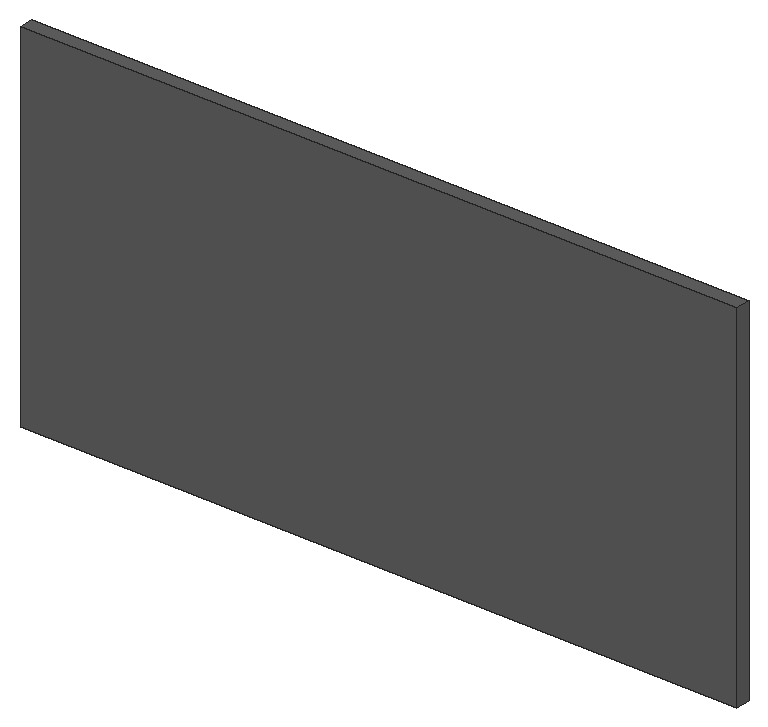
Revit family "Echo Eliminator - Ceiling Baffles", category Specialty Equipment, Revit 2023
Family settings
  Round Connector Dimension = Use Diameter
  Part Type = Normal
  OmniClass Number = 23.35.00.00
  OmniClass Title = Covering, Cladding, and Finishes
  Work Plane-Based = No
  Enable Cutting in Views = Yes
  Always vertical = Yes
  Cut with Voids When Loaded = No
  Maintain Annotation Orientation = No
  Shared = No
  Room Calculation Point = No
Parameters (values of type "24 x 48 - 1 INCH - Black")
  ‍      1. Thickness 1" = Thickness Options = 1  # yes
  URL = "https://www.acousticalsurfaces.com/echo-eliminator/baffle/"
  Type Comments = "Acoustic panels for ceiling"
  Thickness Options = 1
  T = if(Thickness Options = 0, 0' 0 1/2", 0' 0") + if(Thickness Options = 1, 0' 1", 0' 0") + if(Thickness Options = 2, 0' 2", 0' 0")  # 0' - 1"
  Recycled Content Percentage = "0%"
  Model = "Echo Eliminator - Baffles"
  Material = "Echo Eliminator"
  Manufacturer = "Acoustical Surfaces, Inc."
  Fire Rating = "ASTM E84 - Class A"
  Finish = Paint - Acoustical-Surfaces - Echo Eliminator - Black
  Width = 2' - 0"
  Length = 4' - 0"
  ‍      2. Thickness 2" = Thickness Options = 2  # no
  Description = "Acoustic Panels"
  Default Elevation = 0' - 0"
  B = Width / 2  # 1' - 0"
  Assembly Code = "C30"
  Acoustics - NRC = "Sound absorption varies from NRC 0.45 to 0.95 based on installation method used when tested per ASTM C423."
Types (46): name | ‍      1. Thickness 1" | Thickness Options | T | Finish | Width | Length | ‍      2. Thickness 2" | B
  24 x 48 - 1 INCH - Black | yes | 1 | 0' - 1" | Paint - Acoustical-Surfaces - Echo Eliminator - Black | 2' - 0" | 4' - 0" | no | 1' - 0"
  24 x 48 - 1 INCH - Charcoal | yes | 1 | 0' - 1" | Paint - Acoustical-Surfaces - Echo Eliminator - Charcoal | 2' - 0" | 4' - 0" | no | 1' - 0"
  24 x 48 - 1 INCH - Gray | yes | 1 | 0' - 1" | Paint - Acoustical-Surfaces - Echo Eliminator - Grey | 2' - 0" | 4' - 0" | no | 1' - 0"
  24 x 48 - 1 INCH - Marble Blue | yes | 1 | 0' - 1" | Paint - Acoustical-Surfaces - Echo Eliminator - Marble Blue | 2' - 0" | 4' - 0" | no | 1' - 0"
  24 x 48 - 1 INCH - Beige | yes | 1 | 0' - 1" | Paint - Acoustical-Surfaces - Echo Eliminator - Beige | 2' - 0" | 4' - 0" | no | 1' - 0"
  24 x 48 - 1 INCH - White | yes | 1 | 0' - 1" | Paint - Acoustical-Surfaces - Echo Eliminator - White | 2' - 0" | 4' - 0" | no | 1' - 0"
  48 x 96 - 2 INCH - Black | no | 2 | 0' - 2" | Paint - Acoustical-Surfaces - Echo Eliminator - Black | 4' - 0" | 8' - 0" | yes | 2' - 0"
  48 x 96 - 2 INCH - Charcoal | no | 2 | 0' - 2" | Paint - Acoustical-Surfaces - Echo Eliminator - Charcoal | 4' - 0" | 8' - 0" | yes | 2' - 0"
  48 x 96 - 2 INCH - Marble Blue | no | 2 | 0' - 2" | Paint - Acoustical-Surfaces - Echo Eliminator - Marble Blue | 4' - 0" | 8' - 0" | yes | 2' - 0"
  48 x 96 - 2 INCH - Beige | no | 2 | 0' - 2" | Paint - Acoustical-Surfaces - Echo Eliminator - Beige | 4' - 0" | 8' - 0" | yes | 2' - 0"
  48 x 96 - 2 INCH - White | no | 2 | 0' - 2" | Paint - Acoustical-Surfaces - Echo Eliminator - White | 4' - 0" | 8' - 0" | yes | 2' - 0"
  48 x 96 - 1 INCH - Black | yes | 1 | 0' - 1" | Paint - Acoustical-Surfaces - Echo Eliminator - Black | 4' - 0" | 8' - 0" | no | 2' - 0"
  48 x 96 - 1 INCH - Charcoal | yes | 1 | 0' - 1" | Paint - Acoustical-Surfaces - Echo Eliminator - Charcoal | 4' - 0" | 8' - 0" | no | 2' - 0"
  48 x 96 - 1 INCH - Marble Blue | yes | 1 | 0' - 1" | Paint - Acoustical-Surfaces - Echo Eliminator - Marble Blue | 4' - 0" | 8' - 0" | no | 2' - 0"
  48 x 96 - 1 INCH - Beige | yes | 1 | 0' - 1" | Paint - Acoustical-Surfaces - Echo Eliminator - Beige | 4' - 0" | 8' - 0" | no | 2' - 0"
  48 x 96 - 1 INCH - White | yes | 1 | 0' - 1" | Paint - Acoustical-Surfaces - Echo Eliminator - White | 4' - 0" | 8' - 0" | no | 2' - 0"
  48 x 48 - 2 INCH - Black | no | 2 | 0' - 2" | Paint - Acoustical-Surfaces - Echo Eliminator - Black | 4' - 0" | 4' - 0" | yes | 2' - 0"
  48 x 48 - 2 INCH - Charcoal | no | 2 | 0' - 2" | Paint - Acoustical-Surfaces - Echo Eliminator - Charcoal | 4' - 0" | 4' - 0" | yes | 2' - 0"
  48 x 48 - 2 INCH - Gray | no | 2 | 0' - 2" | Paint - Acoustical-Surfaces - Echo Eliminator - Grey | 4' - 0" | 4' - 0" | yes | 2' - 0"
  48 x 48 - 2 INCH - Marble Blue | no | 2 | 0' - 2" | Paint - Acoustical-Surfaces - Echo Eliminator - Marble Blue | 4' - 0" | 4' - 0" | yes | 2' - 0"
  48 x 48 - 2 INCH - Beige | no | 2 | 0' - 2" | Paint - Acoustical-Surfaces - Echo Eliminator - Beige | 4' - 0" | 4' - 0" | yes | 2' - 0"
  48 x 48 - 2 INCH - White | no | 2 | 0' - 2" | Paint - Acoustical-Surfaces - Echo Eliminator - White | 4' - 0" | 4' - 0" | yes | 2' - 0"
  48 x 48 - 1 INCH - Black | yes | 1 | 0' - 1" | Paint - Acoustical-Surfaces - Echo Eliminator - Black | 4' - 0" | 4' - 0" | no | 2' - 0"
  48 x 48 - 1 INCH - Charcoal | yes | 1 | 0' - 1" | Paint - Acoustical-Surfaces - Echo Eliminator - Charcoal | 4' - 0" | 4' - 0" | no | 2' - 0"
  48 x 48 - 1 INCH - Gray | yes | 1 | 0' - 1" | Paint - Acoustical-Surfaces - Echo Eliminator - Grey | 4' - 0" | 4' - 0" | no | 2' - 0"
  48 x 48 - 1 INCH - Marble Blue | yes | 1 | 0' - 1" | Paint - Acoustical-Surfaces - Echo Eliminator - Marble Blue | 4' - 0" | 4' - 0" | no | 2' - 0"
  48 x 48 - 1 INCH - Beige | yes | 1 | 0' - 1" | Paint - Acoustical-Surfaces - Echo Eliminator - Beige | 4' - 0" | 4' - 0" | no | 2' - 0"
  48 x 48 - 1 INCH - White | yes | 1 | 0' - 1" | Paint - Acoustical-Surfaces - Echo Eliminator - White | 4' - 0" | 4' - 0" | no | 2' - 0"
  24 x 24 - 2 INCH - Black | no | 2 | 0' - 2" | Paint - Acoustical-Surfaces - Echo Eliminator - Black | 2' - 0" | 2' - 0" | yes | 1' - 0"
  24 x 24 - 2 INCH - Charcoal | no | 2 | 0' - 2" | Paint - Acoustical-Surfaces - Echo Eliminator - Charcoal | 2' - 0" | 2' - 0" | yes | 1' - 0"
  24 x 24 - 2 INCH - Gray | no | 2 | 0' - 2" | Paint - Acoustical-Surfaces - Echo Eliminator - Grey | 2' - 0" | 2' - 0" | yes | 1' - 0"
  24 x 24 - 2 INCH - Marble Blue | no | 2 | 0' - 2" | Paint - Acoustical-Surfaces - Echo Eliminator - Marble Blue | 2' - 0" | 2' - 0" | yes | 1' - 0"
  24 x 24 - 2 INCH - Beige | no | 2 | 0' - 2" | Paint - Acoustical-Surfaces - Echo Eliminator - Beige | 2' - 0" | 2' - 0" | yes | 1' - 0"
  24 x 24 - 2 INCH - White | no | 2 | 0' - 2" | Paint - Acoustical-Surfaces - Echo Eliminator - White | 2' - 0" | 2' - 0" | yes | 1' - 0"
  24 x 24 - 1 INCH - Black | yes | 1 | 0' - 1" | Paint - Acoustical-Surfaces - Echo Eliminator - Black | 2' - 0" | 2' - 0" | no | 1' - 0"
  24 x 24 - 1 INCH - Charcoal | yes | 1 | 0' - 1" | Paint - Acoustical-Surfaces - Echo Eliminator - Charcoal | 2' - 0" | 2' - 0" | no | 1' - 0"
  24 x 24 - 1 INCH - Gray | yes | 1 | 0' - 1" | Paint - Acoustical-Surfaces - Echo Eliminator - Grey | 2' - 0" | 2' - 0" | no | 1' - 0"
  24 x 24 - 1 INCH - Marble Blue | yes | 1 | 0' - 1" | Paint - Acoustical-Surfaces - Echo Eliminator - Marble Blue | 2' - 0" | 2' - 0" | no | 1' - 0"
  24 x 24 - 1 INCH - Beige | yes | 1 | 0' - 1" | Paint - Acoustical-Surfaces - Echo Eliminator - Beige | 2' - 0" | 2' - 0" | no | 1' - 0"
  24 x 24 - 1 INCH - White | yes | 1 | 0' - 1" | Paint - Acoustical-Surfaces - Echo Eliminator - White | 2' - 0" | 2' - 0" | no | 1' - 0"
  24 x 48 - 2 INCH - Black | no | 2 | 0' - 2" | Paint - Acoustical-Surfaces - Echo Eliminator - Black | 2' - 0" | 4' - 0" | yes | 1' - 0"
  24 x 48 - 2 INCH - Charcoal | no | 2 | 0' - 2" | Paint - Acoustical-Surfaces - Echo Eliminator - Charcoal | 2' - 0" | 4' - 0" | yes | 1' - 0"
  24 x 48 - 2 INCH - Gray | no | 2 | 0' - 2" | Paint - Acoustical-Surfaces - Echo Eliminator - Grey | 2' - 0" | 4' - 0" | yes | 1' - 0"
  24 x 48 - 2 INCH - Marble Blue | no | 2 | 0' - 2" | Paint - Acoustical-Surfaces - Echo Eliminator - Marble Blue | 2' - 0" | 4' - 0" | yes | 1' - 0"
  24 x 48 - 2 INCH - Beige | no | 2 | 0' - 2" | Paint - Acoustical-Surfaces - Echo Eliminator - Beige | 2' - 0" | 4' - 0" | yes | 1' - 0"
  24 x 48 - 2 INCH - White | no | 2 | 0' - 2" | Paint - Acoustical-Surfaces - Echo Eliminator - White | 2' - 0" | 4' - 0" | yes | 1' - 0"
Reference planes (in)
  plane 1 "Center (Front/Back)": y = 0
  plane 2: z = 0
  plane 3 "Center (Left/Right)": x = 0
  plane 4: x = -24
  plane 5: x = 24
  plane 6: y = -1
  plane 7: z = 24
Dimensions and locks (in)
  "B": nested 1 to level
  equal spacing: plane 4, plane 3 "Center (Left/Right)", plane 5
  "Length": plane 4 to plane 5
  "T": plane 6 to plane 1 "Center (Front/Back)"
  "Width": plane 7 to plane 2
  aligned and locked: level to plane 2
Nested families (in)
  nested 1: "Square" at (0, 0, 12) x (-1, 0, 0) z (0, -1, 0), type "Square"
    with A 4' - 0"
Definition of nested family "Square"
  Parameters (values of type "Square")
    Thickness = 0' - 1"
    Material = none
    Default Elevation = 4' - 0"
    B = 2' - 0"
    A = 8' - 0"
  Reference planes (in)
    plane 1 "Center (Front/Back)": y = 0
    plane 2: z = 0
    plane 3 "Center (Left/Right)": x = 0
    plane 4: x = -48
    plane 5: x = 48
    plane 6: y = 12
    plane 7: y = -12
    plane 8: z = 1
  Forms (in)
    Extrusion 1, solid, material <- "Material"
      sketch origin (0, 0, 0) x (1, 0, 0) y (0, 1, 0)
        loop
          line (48, 12) -> (-48, 12) -> (-48, -12) -> (48, -12) -> (48, 12)
      from 0 to 1
  Dimensions and locks (in)
    equal spacing: plane 4, plane 3 "Center (Left/Right)", plane 5
    equal spacing: plane 7, plane 1 "Center (Front/Back)", plane 6
    "B": plane 7 to plane 6
    "A": plane 4 to plane 5
    "Thickness": plane 8 to level
    aligned and locked: level to plane 2
    aligned and locked: Extrusion 1 sketch curve to plane 4
    aligned and locked: plane 5 to Extrusion 1 sketch curve
    aligned and locked: Extrusion 1 sketch curve to plane 6
    aligned and locked: Extrusion 1 sketch curve to plane 7
    aligned and locked: Extrusion 1 to plane 8
